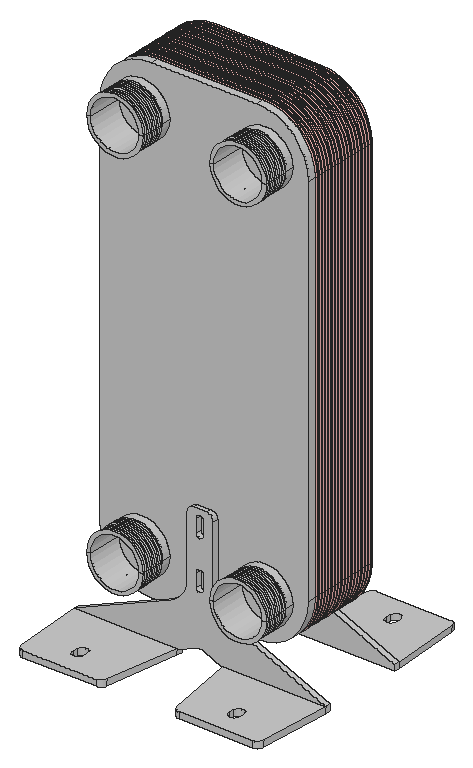
Revit family "MIT MB-11 - Brazed Heat Exchanger", category Specialty Equipment, Revit 2022 (continued)
Lines and regions (mm)
  sketch lines
    curve 38: arc (80.418, 23, 59.156) -> (136.986, 23, 82.587) -> (160.418, 23, 139.156) r 80
    curve 39: line (160.418, 23, 717.156) -> (160.418, 23, 139.156)
    curve 40: arc (160.418, 23, 717.156) -> (136.986, 23, 773.724) -> (80.418, 23, 797.156) r 80
    curve 41: line (-80.571, 25.75, 797.156) -> (80.418, 25.75, 797.156)
    curve 42: arc (-80.571, 25.75, 797.156) -> (-137.139, 25.75, 773.724) -> (-160.571, 25.75, 717.156) r 80
    curve 43: line (-160.571, 25.75, 139.156) -> (-160.571, 25.75, 717.156)
    curve 44: arc (-160.571, 25.75, 139.156) -> (-137.139, 25.75, 82.587) -> (-80.571, 25.75, 59.156) r 80
    curve 45: line (80.418, 25.75, 59.156) -> (-80.571, 25.75, 59.156)
    curve 46: arc (80.418, 25.75, 59.156) -> (136.986, 25.75, 82.587) -> (160.418, 25.75, 139.156) r 80
    curve 47: line (160.418, 25.75, 717.156) -> (160.418, 25.75, 139.156)
    curve 48: arc (160.418, 25.75, 717.156) -> (136.986, 25.75, 773.724) -> (80.418, 25.75, 797.156) r 80
    curve 49: line (-80.571, 28.5, 797.156) -> (80.418, 28.5, 797.156)
    curve 50: arc (-80.571, 28.5, 797.156) -> (-137.139, 28.5, 773.724) -> (-160.571, 28.5, 717.156) r 80
    curve 51: line (-160.571, 28.5, 139.156) -> (-160.571, 28.5, 717.156)
    curve 52: arc (-160.571, 28.5, 139.156) -> (-137.139, 28.5, 82.587) -> (-80.571, 28.5, 59.156) r 80
    curve 53: line (80.418, 28.5, 59.156) -> (-80.571, 28.5, 59.156)
    curve 54: arc (80.418, 28.5, 59.156) -> (136.986, 28.5, 82.587) -> (160.418, 28.5, 139.156) r 80
    curve 55: line (160.418, 28.5, 717.156) -> (160.418, 28.5, 139.156)
    curve 56: arc (160.418, 28.5, 717.156) -> (136.986, 28.5, 773.724) -> (80.418, 28.5, 797.156) r 80
    curve 57: line (-80.571, 31.25, 797.156) -> (80.418, 31.25, 797.156)
    curve 58: arc (-80.571, 31.25, 797.156) -> (-137.139, 31.25, 773.724) -> (-160.571, 31.25, 717.156) r 80
    curve 59: line (-160.571, 31.25, 139.156) -> (-160.571, 31.25, 717.156)
    curve 60: arc (-160.571, 31.25, 139.156) -> (-137.139, 31.25, 82.587) -> (-80.571, 31.25, 59.156) r 80
    curve 61: line (80.418, 31.25, 59.156) -> (-80.571, 31.25, 59.156)
    curve 62: arc (80.418, 31.25, 59.156) -> (136.986, 31.25, 82.587) -> (160.418, 31.25, 139.156) r 80
    curve 63: line (160.418, 31.25, 717.156) -> (160.418, 31.25, 139.156)
    curve 64: arc (160.418, 31.25, 717.156) -> (136.986, 31.25, 773.724) -> (80.418, 31.25, 797.156) r 80
    curve 65: line (-80.571, 34, 797.156) -> (80.418, 34, 797.156)
    curve 66: arc (-80.571, 34, 797.156) -> (-137.139, 34, 773.724) -> (-160.571, 34, 717.156) r 80
    curve 67: line (-160.571, 34, 139.156) -> (-160.571, 34, 717.156)
    curve 68: arc (-160.571, 34, 139.156) -> (-137.139, 34, 82.587) -> (-80.571, 34, 59.156) r 80
    curve 69: line (80.418, 34, 59.156) -> (-80.571, 34, 59.156)
    curve 70: arc (80.418, 34, 59.156) -> (136.986, 34, 82.587) -> (160.418, 34, 139.156) r 80
    curve 71: line (160.418, 34, 717.156) -> (160.418, 34, 139.156)
    curve 72: arc (160.418, 34, 717.156) -> (136.986, 34, 773.724) -> (80.418, 34, 797.156) r 80
    curve 73: line (-80.571, 36.75, 797.156) -> (80.418, 36.75, 797.156)
    curve 74: arc (-80.571, 36.75, 797.156) -> (-137.139, 36.75, 773.724) -> (-160.571, 36.75, 717.156) r 80
    curve 75: line (-160.571, 36.75, 139.156) -> (-160.571, 36.75, 717.156)
    curve 76: arc (-160.571, 36.75, 139.156) -> (-137.139, 36.75, 82.587) -> (-80.571, 36.75, 59.156) r 80
    curve 77: line (80.418, 36.75, 59.156) -> (-80.571, 36.75, 59.156)
    curve 78: arc (80.418, 36.75, 59.156) -> (136.986, 36.75, 82.587) -> (160.418, 36.75, 139.156) r 80
    curve 79: line (160.418, 36.75, 717.156) -> (160.418, 36.75, 139.156)
    curve 80: arc (160.418, 36.75, 717.156) -> (136.986, 36.75, 773.724) -> (80.418, 36.75, 797.156) r 80
    curve 81: line (-80.571, 39.5, 797.156) -> (80.418, 39.5, 797.156)
    curve 82: arc (-80.571, 39.5, 797.156) -> (-137.139, 39.5, 773.724) -> (-160.571, 39.5, 717.156) r 80
    curve 83: line (-160.571, 39.5, 139.156) -> (-160.571, 39.5, 717.156)
    curve 84: arc (-160.571, 39.5, 139.156) -> (-137.139, 39.5, 82.587) -> (-80.571, 39.5, 59.156) r 80
    curve 85: line (80.418, 39.5, 59.156) -> (-80.571, 39.5, 59.156)
    curve 86: arc (80.418, 39.5, 59.156) -> (136.986, 39.5, 82.587) -> (160.418, 39.5, 139.156) r 80
    curve 87: line (160.418, 39.5, 717.156) -> (160.418, 39.5, 139.156)
    curve 88: arc (160.418, 39.5, 717.156) -> (136.986, 39.5, 773.724) -> (80.418, 39.5, 797.156) r 80
    curve 89: line (-80.571, 42.25, 797.156) -> (80.418, 42.25, 797.156)
    curve 90: arc (-80.571, 42.25, 797.156) -> (-137.139, 42.25, 773.724) -> (-160.571, 42.25, 717.156) r 80
    curve 91: line (-160.571, 42.25, 139.156) -> (-160.571, 42.25, 717.156)
    curve 92: arc (-160.571, 42.25, 139.156) -> (-137.139, 42.25, 82.587) -> (-80.571, 42.25, 59.156) r 80
    curve 93: line (80.418, 42.25, 59.156) -> (-80.571, 42.25, 59.156)
    curve 94: arc (80.418, 42.25, 59.156) -> (136.986, 42.25, 82.587) -> (160.418, 42.25, 139.156) r 80
    curve 95: line (160.418, 42.25, 717.156) -> (160.418, 42.25, 139.156)
    curve 96: arc (160.418, 42.25, 717.156) -> (136.986, 42.25, 773.724) -> (80.418, 42.25, 797.156) r 80
    curve 97: line (-80.571, 45, 797.156) -> (80.418, 45, 797.156)
    curve 98: arc (-80.571, 45, 797.156) -> (-137.139, 45, 773.724) -> (-160.571, 45, 717.156) r 80
    curve 99: line (-160.571, 45, 139.156) -> (-160.571, 45, 717.156)
    curve 100: arc (-160.571, 45, 139.156) -> (-137.139, 45, 82.587) -> (-80.571, 45, 59.156) r 80
    curve 101: line (80.418, 45, 59.156) -> (-80.571, 45, 59.156)
    curve 102: arc (80.418, 45, 59.156) -> (136.986, 45, 82.587) -> (160.418, 45, 139.156) r 80
    curve 103: line (160.418, 45, 717.156) -> (160.418, 45, 139.156)
    curve 104: arc (160.418, 45, 717.156) -> (136.986, 45, 773.724) -> (80.418, 45, 797.156) r 80
    curve 105: line (-80.571, 47.75, 797.156) -> (80.418, 47.75, 797.156)
    curve 106: arc (-80.571, 47.75, 797.156) -> (-137.139, 47.75, 773.724) -> (-160.571, 47.75, 717.156) r 80
    curve 107: line (-160.571, 47.75, 139.156) -> (-160.571, 47.75, 717.156)
    curve 108: arc (-160.571, 47.75, 139.156) -> (-137.139, 47.75, 82.587) -> (-80.571, 47.75, 59.156) r 80
    curve 109: line (80.418, 47.75, 59.156) -> (-80.571, 47.75, 59.156)
    curve 110: arc (80.418, 47.75, 59.156) -> (136.986, 47.75, 82.587) -> (160.418, 47.75, 139.156) r 80
    curve 111: line (160.418, 47.75, 717.156) -> (160.418, 47.75, 139.156)
    curve 112: arc (160.418, 47.75, 717.156) -> (136.986, 47.75, 773.724) -> (80.418, 47.75, 797.156) r 80
    curve 113: line (-80.571, 50.5, 797.156) -> (80.418, 50.5, 797.156)
    curve 114: arc (-80.571, 50.5, 797.156) -> (-137.139, 50.5, 773.724) -> (-160.571, 50.5, 717.156) r 80
    curve 115: line (-160.571, 50.5, 139.156) -> (-160.571, 50.5, 717.156)
    curve 116: arc (-160.571, 50.5, 139.156) -> (-137.139, 50.5, 82.587) -> (-80.571, 50.5, 59.156) r 80
    curve 117: line (80.418, 50.5, 59.156) -> (-80.571, 50.5, 59.156)
    curve 118: arc (80.418, 50.5, 59.156) -> (136.986, 50.5, 82.587) -> (160.418, 50.5, 139.156) r 80
    curve 119: line (160.418, 50.5, 717.156) -> (160.418, 50.5, 139.156)
    curve 120: arc (160.418, 50.5, 717.156) -> (136.986, 50.5, 773.724) -> (80.418, 50.5, 797.156) r 80
    curve 121: line (-80.571, 53.25, 797.156) -> (80.418, 53.25, 797.156)
    curve 122: arc (-80.571, 53.25, 797.156) -> (-137.139, 53.25, 773.724) -> (-160.571, 53.25, 717.156) r 80
    curve 123: line (-160.571, 53.25, 139.156) -> (-160.571, 53.25, 717.156)
    curve 124: arc (-160.571, 53.25, 139.156) -> (-137.139, 53.25, 82.587) -> (-80.571, 53.25, 59.156) r 80
    curve 125: line (80.418, 53.25, 59.156) -> (-80.571, 53.25, 59.156)
    curve 126: arc (80.418, 53.25, 59.156) -> (136.986, 53.25, 82.587) -> (160.418, 53.25, 139.156) r 80
    curve 127: line (160.418, 53.25, 717.156) -> (160.418, 53.25, 139.156)
    curve 128: arc (160.418, 53.25, 717.156) -> (136.986, 53.25, 773.724) -> (80.418, 53.25, 797.156) r 80
    curve 129: line (-80.571, 56, 797.156) -> (80.418, 56, 797.156)
    curve 130: arc (-80.571, 56, 797.156) -> (-137.139, 56, 773.724) -> (-160.571, 56, 717.156) r 80
    curve 131: line (-160.571, 56, 139.156) -> (-160.571, 56, 717.156)
    curve 132: arc (-160.571, 56, 139.156) -> (-137.139, 56, 82.587) -> (-80.571, 56, 59.156) r 80
    curve 133: line (80.418, 56, 59.156) -> (-80.571, 56, 59.156)
    curve 134: arc (80.418, 56, 59.156) -> (136.986, 56, 82.587) -> (160.418, 56, 139.156) r 80
    curve 135: line (160.418, 56, 717.156) -> (160.418, 56, 139.156)
    curve 136: arc (160.418, 56, 717.156) -> (136.986, 56, 773.724) -> (80.418, 56, 797.156) r 80
    curve 137: line (-80.571, 58.75, 797.156) -> (80.418, 58.75, 797.156)
    curve 138: arc (-80.571, 58.75, 797.156) -> (-137.139, 58.75, 773.724) -> (-160.571, 58.75, 717.156) r 80
    curve 139: line (-160.571, 58.75, 139.156) -> (-160.571, 58.75, 717.156)
    curve 140: arc (-160.571, 58.75, 139.156) -> (-137.139, 58.75, 82.587) -> (-80.571, 58.75, 59.156) r 80
    curve 141: line (80.418, 58.75, 59.156) -> (-80.571, 58.75, 59.156)
    curve 142: arc (80.418, 58.75, 59.156) -> (136.986, 58.75, 82.587) -> (160.418, 58.75, 139.156) r 80
    curve 143: line (160.418, 58.75, 717.156) -> (160.418, 58.75, 139.156)
    curve 144: arc (160.418, 58.75, 717.156) -> (136.986, 58.75, 773.724) -> (80.418, 58.75, 797.156) r 80
    curve 145: line (-80.571, 61.5, 797.156) -> (80.418, 61.5, 797.156)
    curve 146: arc (-80.571, 61.5, 797.156) -> (-137.139, 61.5, 773.724) -> (-160.571, 61.5, 717.156) r 80
    curve 147: line (-160.571, 61.5, 139.156) -> (-160.571, 61.5, 717.156)
    curve 148: arc (-160.571, 61.5, 139.156) -> (-137.139, 61.5, 82.587) -> (-80.571, 61.5, 59.156) r 80
    curve 149: line (80.418, 61.5, 59.156) -> (-80.571, 61.5, 59.156)
    curve 150: arc (80.418, 61.5, 59.156) -> (136.986, 61.5, 82.587) -> (160.418, 61.5, 139.156) r 80
    curve 151: line (160.418, 61.5, 717.156) -> (160.418, 61.5, 139.156)
    curve 152: arc (160.418, 61.5, 717.156) -> (136.986, 61.5, 773.724) -> (80.418, 61.5, 797.156) r 80
    curve 153: line (-80.571, 64.25, 797.156) -> (80.418, 64.25, 797.156)
    curve 154: arc (-80.571, 64.25, 797.156) -> (-137.139, 64.25, 773.724) -> (-160.571, 64.25, 717.156) r 80
    curve 155: line (-160.571, 64.25, 139.156) -> (-160.571, 64.25, 717.156)
    curve 156: arc (-160.571, 64.25, 139.156) -> (-137.139, 64.25, 82.587) -> (-80.571, 64.25, 59.156) r 80
    curve 157: line (80.418, 64.25, 59.156) -> (-80.571, 64.25, 59.156)
    curve 158: arc (80.418, 64.25, 59.156) -> (136.986, 64.25, 82.587) -> (160.418, 64.25, 139.156) r 80
    curve 159: line (160.418, 64.25, 717.156) -> (160.418, 64.25, 139.156)
    curve 160: arc (160.418, 64.25, 717.156) -> (136.986, 64.25, 773.724) -> (80.418, 64.25, 797.156) r 80
    curve 161: line (-80.571, 67, 797.156) -> (80.418, 67, 797.156)
    curve 162: arc (-80.571, 67, 797.156) -> (-137.139, 67, 773.724) -> (-160.571, 67, 717.156) r 80
    curve 163: line (-160.571, 67, 139.156) -> (-160.571, 67, 717.156)
    curve 164: arc (-160.571, 67, 139.156) -> (-137.139, 67, 82.587) -> (-80.571, 67, 59.156) r 80
    curve 165: line (80.418, 67, 59.156) -> (-80.571, 67, 59.156)
    curve 166: arc (80.418, 67, 59.156) -> (136.986, 67, 82.587) -> (160.418, 67, 139.156) r 80
    curve 167: line (160.418, 67, 717.156) -> (160.418, 67, 139.156)
    curve 168: arc (160.418, 67, 717.156) -> (136.986, 67, 773.724) -> (80.418, 67, 797.156) r 80
    curve 169: line (-80.571, 69.75, 797.156) -> (80.418, 69.75, 797.156)
    curve 170: arc (-80.571, 69.75, 797.156) -> (-137.139, 69.75, 773.724) -> (-160.571, 69.75, 717.156) r 80
    curve 171: line (-160.571, 69.75, 139.156) -> (-160.571, 69.75, 717.156)
    curve 172: arc (-160.571, 69.75, 139.156) -> (-137.139, 69.75, 82.587) -> (-80.571, 69.75, 59.156) r 80
    curve 173: line (80.418, 69.75, 59.156) -> (-80.571, 69.75, 59.156)
    curve 174: arc (80.418, 69.75, 59.156) -> (136.986, 69.75, 82.587) -> (160.418, 69.75, 139.156) r 80
    curve 175: line (160.418, 69.75, 717.156) -> (160.418, 69.75, 139.156)
    curve 176: arc (160.418, 69.75, 717.156) -> (136.986, 69.75, 773.724) -> (80.418, 69.75, 797.156) r 80
    curve 177: line (-80.571, 72.5, 797.156) -> (80.418, 72.5, 797.156)
    curve 178: arc (-80.571, 72.5, 797.156) -> (-137.139, 72.5, 773.724) -> (-160.571, 72.5, 717.156) r 80
    curve 179: line (-160.571, 72.5, 139.156) -> (-160.571, 72.5, 717.156)
    curve 180: arc (-160.571, 72.5, 139.156) -> (-137.139, 72.5, 82.587) -> (-80.571, 72.5, 59.156) r 80
    curve 181: line (80.418, 72.5, 59.156) -> (-80.571, 72.5, 59.156)
    curve 182: arc (80.418, 72.5, 59.156) -> (136.986, 72.5, 82.587) -> (160.418, 72.5, 139.156) r 80
    curve 183: line (160.418, 72.5, 717.156) -> (160.418, 72.5, 139.156)
    curve 184: arc (160.418, 72.5, 717.156) -> (136.986, 72.5, 773.724) -> (80.418, 72.5, 797.156) r 80
    curve 185: line (-80.571, 75.25, 797.156) -> (80.418, 75.25, 797.156)
    curve 186: arc (-80.571, 75.25, 797.156) -> (-137.139, 75.25, 773.724) -> (-160.571, 75.25, 717.156) r 80
    curve 187: line (-160.571, 75.25, 139.156) -> (-160.571, 75.25, 717.156)
    curve 188: arc (-160.571, 75.25, 139.156) -> (-137.139, 75.25, 82.587) -> (-80.571, 75.25, 59.156) r 80
    curve 189: line (80.418, 75.25, 59.156) -> (-80.571, 75.25, 59.156)
    curve 190: arc (80.418, 75.25, 59.156) -> (136.986, 75.25, 82.587) -> (160.418, 75.25, 139.156) r 80
    curve 191: line (160.418, 75.25, 717.156) -> (160.418, 75.25, 139.156)
    curve 192: arc (160.418, 75.25, 717.156) -> (136.986, 75.25, 773.724) -> (80.418, 75.25, 797.156) r 80
    curve 193: line (-80.571, 78, 797.156) -> (80.418, 78, 797.156)
    curve 194: arc (-80.571, 78, 797.156) -> (-137.139, 78, 773.724) -> (-160.571, 78, 717.156) r 80
    curve 195: line (-160.571, 78, 139.156) -> (-160.571, 78, 717.156)
    curve 196: arc (-160.571, 78, 139.156) -> (-137.139, 78, 82.587) -> (-80.571, 78, 59.156) r 80
    curve 197: line (80.418, 78, 59.156) -> (-80.571, 78, 59.156)
    curve 198: arc (80.418, 78, 59.156) -> (136.986, 78, 82.587) -> (160.418, 78, 139.156) r 80
    curve 199: line (160.418, 78, 717.156) -> (160.418, 78, 139.156)
    curve 200: arc (160.418, 78, 717.156) -> (136.986, 78, 773.724) -> (80.418, 78, 797.156) r 80
    curve 201: line (-80.571, 80.75, 797.156) -> (80.418, 80.75, 797.156)
    curve 202: arc (-80.571, 80.75, 797.156) -> (-137.139, 80.75, 773.724) -> (-160.571, 80.75, 717.156) r 80
    curve 203: line (-160.571, 80.75, 139.156) -> (-160.571, 80.75, 717.156)
    curve 204: arc (-160.571, 80.75, 139.156) -> (-137.139, 80.75, 82.587) -> (-80.571, 80.75, 59.156) r 80
    curve 205: line (80.418, 80.75, 59.156) -> (-80.571, 80.75, 59.156)
    curve 206: arc (80.418, 80.75, 59.156) -> (136.986, 80.75, 82.587) -> (160.418, 80.75, 139.156) r 80
    curve 207: line (160.418, 80.75, 717.156) -> (160.418, 80.75, 139.156)
    curve 208: arc (160.418, 80.75, 717.156) -> (136.986, 80.75, 773.724) -> (80.418, 80.75, 797.156) r 80
    curve 209: line (-80.571, 83.5, 797.156) -> (80.418, 83.5, 797.156)
    curve 210: arc (-80.571, 83.5, 797.156) -> (-137.139, 83.5, 773.724) -> (-160.571, 83.5, 717.156) r 80
    curve 211: line (-160.571, 83.5, 139.156) -> (-160.571, 83.5, 717.156)
    curve 212: arc (-160.571, 83.5, 139.156) -> (-137.139, 83.5, 82.587) -> (-80.571, 83.5, 59.156) r 80
    curve 213: line (80.418, 83.5, 59.156) -> (-80.571, 83.5, 59.156)
    curve 214: arc (80.418, 83.5, 59.156) -> (136.986, 83.5, 82.587) -> (160.418, 83.5, 139.156) r 80
    curve 215: line (160.418, 83.5, 717.156) -> (160.418, 83.5, 139.156)
    curve 216: arc (160.418, 83.5, 717.156) -> (136.986, 83.5, 773.724) -> (80.418, 83.5, 797.156) r 80
    curve 217: line (-80.571, 86.25, 797.156) -> (80.418, 86.25, 797.156)
    curve 218: arc (-80.571, 86.25, 797.156) -> (-137.139, 86.25, 773.724) -> (-160.571, 86.25, 717.156) r 80
    curve 219: line (-160.571, 86.25, 139.156) -> (-160.571, 86.25, 717.156)
    curve 220: arc (-160.571, 86.25, 139.156) -> (-137.139, 86.25, 82.587) -> (-80.571, 86.25, 59.156) r 80
    curve 221: line (80.418, 86.25, 59.156) -> (-80.571, 86.25, 59.156)
    curve 222: arc (80.418, 86.25, 59.156) -> (136.986, 86.25, 82.587) -> (160.418, 86.25, 139.156) r 80
    curve 223: line (160.418, 86.25, 717.156) -> (160.418, 86.25, 139.156)
    curve 224: arc (160.418, 86.25, 717.156) -> (136.986, 86.25, 773.724) -> (80.418, 86.25, 797.156) r 80
    curve 225: line (-80.571, 89, 797.156) -> (80.418, 89, 797.156)
    curve 226: arc (-80.571, 89, 797.156) -> (-137.139, 89, 773.724) -> (-160.571, 89, 717.156) r 80
    curve 227: line (-160.571, 89, 139.156) -> (-160.571, 89, 717.156)
    curve 228: arc (-160.571, 89, 139.156) -> (-137.139, 89, 82.587) -> (-80.571, 89, 59.156) r 80
    curve 229: line (80.418, 89, 59.156) -> (-80.571, 89, 59.156)
    curve 230: arc (80.418, 89, 59.156) -> (136.986, 89, 82.587) -> (160.418, 89, 139.156) r 80
    curve 231: line (160.418, 89, 717.156) -> (160.418, 89, 139.156)
    curve 232: arc (160.418, 89, 717.156) -> (136.986, 89, 773.724) -> (80.418, 89, 797.156) r 80
    curve 233: line (-80.571, 91.75, 797.156) -> (80.418, 91.75, 797.156)
    curve 234: arc (-80.571, 91.75, 797.156) -> (-137.139, 91.75, 773.724) -> (-160.571, 91.75, 717.156) r 80
    curve 235: line (-160.571, 91.75, 139.156) -> (-160.571, 91.75, 717.156)
    curve 236: arc (-160.571, 91.75, 139.156) -> (-137.139, 91.75, 82.587) -> (-80.571, 91.75, 59.156) r 80
    curve 237: line (80.418, 91.75, 59.156) -> (-80.571, 91.75, 59.156)
    curve 238: arc (80.418, 91.75, 59.156) -> (136.986, 91.75, 82.587) -> (160.418, 91.75, 139.156) r 80
    curve 239: line (160.418, 91.75, 717.156) -> (160.418, 91.75, 139.156)
    curve 240: arc (160.418, 91.75, 717.156) -> (136.986, 91.75, 773.724) -> (80.418, 91.75, 797.156) r 80
    curve 241: line (-80.571, 94.5, 797.156) -> (80.418, 94.5, 797.156)
    curve 242: arc (-80.571, 94.5, 797.156) -> (-137.139, 94.5, 773.724) -> (-160.571, 94.5, 717.156) r 80
    curve 243: line (-160.571, 94.5, 139.156) -> (-160.571, 94.5, 717.156)
    curve 244: arc (-160.571, 94.5, 139.156) -> (-137.139, 94.5, 82.587) -> (-80.571, 94.5, 59.156) r 80
    curve 245: line (80.418, 94.5, 59.156) -> (-80.571, 94.5, 59.156)
    curve 246: arc (80.418, 94.5, 59.156) -> (136.986, 94.5, 82.587) -> (160.418, 94.5, 139.156) r 80
    curve 247: line (160.418, 94.5, 717.156) -> (160.418, 94.5, 139.156)
    curve 248: arc (160.418, 94.5, 717.156) -> (136.986, 94.5, 773.724) -> (80.418, 94.5, 797.156) r 80
    curve 249: line (-80.571, 97.25, 797.156) -> (80.418, 97.25, 797.156)
    curve 250: arc (-80.571, 97.25, 797.156) -> (-137.139, 97.25, 773.724) -> (-160.571, 97.25, 717.156) r 80
    curve 251: line (-160.571, 97.25, 139.156) -> (-160.571, 97.25, 717.156)
    curve 252: arc (-160.571, 97.25, 139.156) -> (-137.139, 97.25, 82.587) -> (-80.571, 97.25, 59.156) r 80
    curve 253: line (80.418, 97.25, 59.156) -> (-80.571, 97.25, 59.156)
    curve 254: arc (80.418, 97.25, 59.156) -> (136.986, 97.25, 82.587) -> (160.418, 97.25, 139.156) r 80
    curve 255: line (160.418, 97.25, 717.156) -> (160.418, 97.25, 139.156)
    curve 256: arc (160.418, 97.25, 717.156) -> (136.986, 97.25, 773.724) -> (80.418, 97.25, 797.156) r 80
    curve 257: line (-80.571, 100, 797.156) -> (80.418, 100, 797.156)
    curve 258: arc (-80.571, 100, 797.156) -> (-137.139, 100, 773.724) -> (-160.571, 100, 717.156) r 80
    curve 259: line (-160.571, 100, 139.156) -> (-160.571, 100, 717.156)
    curve 260: arc (-160.571, 100, 139.156) -> (-137.139, 100, 82.587) -> (-80.571, 100, 59.156) r 80
    curve 261: line (80.418, 100, 59.156) -> (-80.571, 100, 59.156)
    curve 262: arc (80.418, 100, 59.156) -> (136.986, 100, 82.587) -> (160.418, 100, 139.156) r 80
    curve 263: line (160.418, 100, 717.156) -> (160.418, 100, 139.156)
    curve 264: arc (160.418, 100, 717.156) -> (136.986, 100, 773.724) -> (80.418, 100, 797.156) r 80
    curve 265: line (-80.571, 102.75, 797.156) -> (80.418, 102.75, 797.156)
    curve 266: arc (-80.571, 102.75, 797.156) -> (-137.139, 102.75, 773.724) -> (-160.571, 102.75, 717.156) r 80
    curve 267: line (-160.571, 102.75, 139.156) -> (-160.571, 102.75, 717.156)
    curve 268: arc (-160.571, 102.75, 139.156) -> (-137.139, 102.75, 82.587) -> (-80.571, 102.75, 59.156) r 80
    curve 269: line (80.418, 102.75, 59.156) -> (-80.571, 102.75, 59.156)
    curve 270: arc (80.418, 102.75, 59.156) -> (136.986, 102.75, 82.587) -> (160.418, 102.75, 139.156) r 80
    curve 271: line (160.418, 102.75, 717.156) -> (160.418, 102.75, 139.156)
    curve 272: arc (160.418, 102.75, 717.156) -> (136.986, 102.75, 773.724) -> (80.418, 102.75, 797.156) r 80
    curve 273: line (-80.571, 105.5, 797.156) -> (80.418, 105.5, 797.156)
    curve 274: arc (-80.571, 105.5, 797.156) -> (-137.139, 105.5, 773.724) -> (-160.571, 105.5, 717.156) r 80
    curve 275: line (-160.571, 105.5, 139.156) -> (-160.571, 105.5, 717.156)
    curve 276: arc (-160.571, 105.5, 139.156) -> (-137.139, 105.5, 82.587) -> (-80.571, 105.5, 59.156) r 80
    curve 277: line (80.418, 105.5, 59.156) -> (-80.571, 105.5, 59.156)
    curve 278: arc (80.418, 105.5, 59.156) -> (136.986, 105.5, 82.587) -> (160.418, 105.5, 139.156) r 80
    curve 279: line (160.418, 105.5, 717.156) -> (160.418, 105.5, 139.156)
    curve 280: arc (160.418, 105.5, 717.156) -> (136.986, 105.5, 773.724) -> (80.418, 105.5, 797.156) r 80
    curve 281: line (-80.571, 108.25, 797.156) -> (80.418, 108.25, 797.156)
    curve 282: arc (-80.571, 108.25, 797.156) -> (-137.139, 108.25, 773.724) -> (-160.571, 108.25, 717.156) r 80
    curve 283: line (-160.571, 108.25, 139.156) -> (-160.571, 108.25, 717.156)
    curve 284: arc (-160.571, 108.25, 139.156) -> (-137.139, 108.25, 82.587) -> (-80.571, 108.25, 59.156) r 80
    curve 285: line (80.418, 108.25, 59.156) -> (-80.571, 108.25, 59.156)
    curve 286: arc (80.418, 108.25, 59.156) -> (136.986, 108.25, 82.587) -> (160.418, 108.25, 139.156) r 80
    curve 287: line (160.418, 108.25, 717.156) -> (160.418, 108.25, 139.156)
    curve 288: arc (160.418, 108.25, 717.156) -> (136.986, 108.25, 773.724) -> (80.418, 108.25, 797.156) r 80
    curve 289: line (-80.571, 111, 797.156) -> (80.418, 111, 797.156)
    curve 290: arc (-80.571, 111, 797.156) -> (-137.139, 111, 773.724) -> (-160.571, 111, 717.156) r 80
    curve 291: line (-160.571, 111, 139.156) -> (-160.571, 111, 717.156)
    curve 292: arc (-160.571, 111, 139.156) -> (-137.139, 111, 82.587) -> (-80.571, 111, 59.156) r 80
    curve 293: line (80.418, 111, 59.156) -> (-80.571, 111, 59.156)
    curve 294: arc (80.418, 111, 59.156) -> (136.986, 111, 82.587) -> (160.418, 111, 139.156) r 80
    curve 295: line (160.418, 111, 717.156) -> (160.418, 111, 139.156)
    curve 296: arc (160.418, 111, 717.156) -> (136.986, 111, 773.724) -> (80.418, 111, 797.156) r 80
    curve 297: line (-80.571, 113.75, 797.156) -> (80.418, 113.75, 797.156)
    curve 298: arc (-80.571, 113.75, 797.156) -> (-137.139, 113.75, 773.724) -> (-160.571, 113.75, 717.156) r 80
    curve 299: line (-160.571, 113.75, 139.156) -> (-160.571, 113.75, 717.156)
    curve 300: arc (-160.571, 113.75, 139.156) -> (-137.139, 113.75, 82.587) -> (-80.571, 113.75, 59.156) r 80
    curve 301: line (80.418, 113.75, 59.156) -> (-80.571, 113.75, 59.156)
    curve 302: arc (80.418, 113.75, 59.156) -> (136.986, 113.75, 82.587) -> (160.418, 113.75, 139.156) r 80
    curve 303: line (160.418, 113.75, 717.156) -> (160.418, 113.75, 139.156)
    curve 304: arc (160.418, 113.75, 717.156) -> (136.986, 113.75, 773.724) -> (80.418, 113.75, 797.156) r 80
    curve 305: line (-80.571, 116.5, 797.156) -> (80.418, 116.5, 797.156)
    curve 306: arc (-80.571, 116.5, 797.156) -> (-137.139, 116.5, 773.724) -> (-160.571, 116.5, 717.156) r 80
    curve 307: line (-160.571, 116.5, 139.156) -> (-160.571, 116.5, 717.156)
    curve 308: arc (-160.571, 116.5, 139.156) -> (-137.139, 116.5, 82.587) -> (-80.571, 116.5, 59.156) r 80
    curve 309: line (80.418, 116.5, 59.156) -> (-80.571, 116.5, 59.156)
    curve 310: arc (80.418, 116.5, 59.156) -> (136.986, 116.5, 82.587) -> (160.418, 116.5, 139.156) r 80
    curve 311: line (160.418, 116.5, 717.156) -> (160.418, 116.5, 139.156)
    curve 312: arc (160.418, 116.5, 717.156) -> (136.986, 116.5, 773.724) -> (80.418, 116.5, 797.156) r 80
    curve 313: line (-80.571, 119.25, 797.156) -> (80.418, 119.25, 797.156)
    curve 314: arc (-80.571, 119.25, 797.156) -> (-137.139, 119.25, 773.724) -> (-160.571, 119.25, 717.156) r 80
    curve 315: line (-160.571, 119.25, 139.156) -> (-160.571, 119.25, 717.156)
    curve 316: arc (-160.571, 119.25, 139.156) -> (-137.139, 119.25, 82.587) -> (-80.571, 119.25, 59.156) r 80
    curve 317: line (80.418, 119.25, 59.156) -> (-80.571, 119.25, 59.156)
    curve 318: arc (80.418, 119.25, 59.156) -> (136.986, 119.25, 82.587) -> (160.418, 119.25, 139.156) r 80
    curve 319: line (160.418, 119.25, 717.156) -> (160.418, 119.25, 139.156)
    curve 320: arc (160.418, 119.25, 717.156) -> (136.986, 119.25, 773.724) -> (80.418, 119.25, 797.156) r 80
Dimensions and locks
  locked: plane 5 to plane 6 at 2.03
  locked: plane 1 "Center (Front/Back)" to plane 4 at 12
  "Plate Width": plane 5 to plane 4
  locked: plane 9 "5" to plane 5 at 2.61
  plane 10 to plane 9 "5" = 50.00 mm
  equal spacing: group 1, group 2, group 3, group 4, group 5, group 6, group 7, group 8, group 9, group 10, group 11, group 12, group 13, group 14, group 15, group 16, group 17, group 18, group 19, group 20, group 21, group 22, group 23, group 24, group 25, group 26, group 27, group 28, group 29, group 30, group 31, group 32, group 33, group 34, group 35, group 36, group 37, group 38, group 39, group 40  (x3)
  aligned and locked: level to plane 2
  aligned and locked: Extrusion 1 to plane 4
  aligned and locked: plane 1 "Center (Front/Back)" to Extrusion 1
  aligned and locked: plane 4 to Extrusion 49
  aligned and locked: Extrusion 49 to plane 6
  aligned and locked: plane 9 "5" to Extrusion 50
  aligned and locked: plane 5 to Extrusion 52
  aligned and locked: Extrusion 52 to plane 4
  aligned and locked: Extrusion 54 to plane 4
  aligned and locked: plane 1 "Center (Front/Back)" to Extrusion 54
  aligned and locked: plane 4 to Extrusion 55
  aligned and locked: plane 9 "5" to Extrusion 55
Automatic sketch dimensions
  Extrusion 1 sketch curve to plane 7 "1" = 12.459 mm  (x2)
  Extrusion 1 sketch curve to plane 3 "Center (Left/Right)" = 160.571 mm
  plane 7 "1" to Extrusion 1 sketch curve = 67.541 mm
  plane 8 "2" to Extrusion 1 sketch curve = 12.656 mm
  Extrusion 1 sketch curve to Extrusion 1 sketch curve = 80.00 mm
  plane 3 "Center (Left/Right)" to Extrusion 1 sketch curve = 80.418 mm  (x2)
  plane 1 "Center (Front/Back)" to Revolve 2 sketch curve = 0.00 mm
  plane 1 "Center (Front/Back)" to Revolve 2 sketch curve = 54.00 mm
  Revolve 2 sketch curve to plane 3 "Center (Left/Right)" = 132.043 mm
  plane 1 "Center (Front/Back)" to Revolve 2 sketch curve = 48.588 mm
  Revolve 2 sketch curve to Revolve 2 sketch curve = 2.846 mm  (x2)
  plane 1 "Center (Front/Back)" to Revolve 2 sketch curve = 16.123 mm
  plane 1 "Center (Front/Back)" to Revolve 2 sketch curve = 51.834 mm
  Revolve 2 sketch curve to Revolve 2 sketch curve = 0.00 mm  (x11)
  plane 1 "Center (Front/Back)" to Revolve 2 sketch curve = 19.37 mm
  plane 1 "Center (Front/Back)" to Revolve 2 sketch curve = 45.341 mm
  plane 1 "Center (Front/Back)" to Revolve 2 sketch curve = 25.863 mm
  plane 1 "Center (Front/Back)" to Revolve 2 sketch curve = 42.095 mm
  plane 1 "Center (Front/Back)" to Revolve 2 sketch curve = 22.616 mm
  plane 1 "Center (Front/Back)" to Revolve 2 sketch curve = 32.356 mm
  plane 1 "Center (Front/Back)" to Revolve 2 sketch curve = 38.848 mm
  plane 1 "Center (Front/Back)" to Revolve 2 sketch curve = 29.109 mm
  plane 1 "Center (Front/Back)" to Revolve 2 sketch curve = 35.602 mm
  Revolve 2 sketch curve to Revolve 2 sketch curve = 3.00 mm
  plane 1 "Center (Front/Back)" to Revolve 2 sketch curve = 33.979 mm
  Revolve 2 sketch curve to Revolve 2 sketch curve = 2.154 mm  (x12)
  plane 1 "Center (Front/Back)" to Revolve 2 sketch curve = 37.225 mm
  plane 1 "Center (Front/Back)" to Revolve 2 sketch curve = 30.732 mm
  plane 1 "Center (Front/Back)" to Revolve 2 sketch curve = 40.472 mm
  plane 1 "Center (Front/Back)" to Revolve 2 sketch curve = 24.239 mm
  plane 1 "Center (Front/Back)" to Revolve 2 sketch curve = 43.718 mm
  plane 1 "Center (Front/Back)" to Revolve 2 sketch curve = 20.993 mm
  plane 1 "Center (Front/Back)" to Revolve 2 sketch curve = 46.965 mm
  plane 1 "Center (Front/Back)" to Revolve 2 sketch curve = 27.486 mm
  plane 1 "Center (Front/Back)" to Revolve 2 sketch curve = 17.746 mm
  plane 1 "Center (Front/Back)" to Revolve 2 sketch curve = 50.211 mm
  plane 1 "Center (Front/Back)" to Revolve 2 sketch curve = 14.50 mm
  Revolve 2 sketch curve to Revolve 2 sketch curve = 2.874 mm
  plane 1 "Center (Front/Back)" to Revolve 2 sketch curve = 2.00 mm
  Revolve 2 sketch curve to Revolve 2 sketch curve = 37.324 mm
  Revolve 2 sketch curve to Revolve 2 sketch curve = 44.038 mm
  plane 1 "Center (Front/Back)" to Revolve 3 sketch curve = 0.00 mm
  plane 1 "Center (Front/Back)" to Revolve 3 sketch curve = 54.00 mm
  plane 3 "Center (Left/Right)" to Revolve 3 sketch curve = 132.043 mm
  plane 1 "Center (Front/Back)" to Revolve 3 sketch curve = 48.588 mm
  Revolve 3 sketch curve to Revolve 3 sketch curve = 2.846 mm  (x2)
  plane 1 "Center (Front/Back)" to Revolve 3 sketch curve = 16.123 mm
  plane 1 "Center (Front/Back)" to Revolve 3 sketch curve = 51.834 mm
  Revolve 3 sketch curve to Revolve 3 sketch curve = 0.00 mm  (x11)
  plane 1 "Center (Front/Back)" to Revolve 3 sketch curve = 19.37 mm
  plane 1 "Center (Front/Back)" to Revolve 3 sketch curve = 45.341 mm
  plane 1 "Center (Front/Back)" to Revolve 3 sketch curve = 25.863 mm
  plane 1 "Center (Front/Back)" to Revolve 3 sketch curve = 42.095 mm
  plane 1 "Center (Front/Back)" to Revolve 3 sketch curve = 22.616 mm
  plane 1 "Center (Front/Back)" to Revolve 3 sketch curve = 32.356 mm
  plane 1 "Center (Front/Back)" to Revolve 3 sketch curve = 38.848 mm
  plane 1 "Center (Front/Back)" to Revolve 3 sketch curve = 29.109 mm
  plane 1 "Center (Front/Back)" to Revolve 3 sketch curve = 35.602 mm
  Revolve 3 sketch curve to Revolve 3 sketch curve = 3.00 mm
  plane 1 "Center (Front/Back)" to Revolve 3 sketch curve = 33.979 mm
  Revolve 3 sketch curve to Revolve 3 sketch curve = 2.154 mm  (x12)
  plane 1 "Center (Front/Back)" to Revolve 3 sketch curve = 37.225 mm
  plane 1 "Center (Front/Back)" to Revolve 3 sketch curve = 30.732 mm
  plane 1 "Center (Front/Back)" to Revolve 3 sketch curve = 40.472 mm
  plane 1 "Center (Front/Back)" to Revolve 3 sketch curve = 24.239 mm
  plane 1 "Center (Front/Back)" to Revolve 3 sketch curve = 43.718 mm
  plane 1 "Center (Front/Back)" to Revolve 3 sketch curve = 20.993 mm
  plane 1 "Center (Front/Back)" to Revolve 3 sketch curve = 46.965 mm
  plane 1 "Center (Front/Back)" to Revolve 3 sketch curve = 27.486 mm
  plane 1 "Center (Front/Back)" to Revolve 3 sketch curve = 17.746 mm
  plane 1 "Center (Front/Back)" to Revolve 3 sketch curve = 50.211 mm
  plane 1 "Center (Front/Back)" to Revolve 3 sketch curve = 14.50 mm
  Revolve 3 sketch curve to Revolve 3 sketch curve = 2.874 mm
  plane 1 "Center (Front/Back)" to Revolve 3 sketch curve = 2.00 mm
  Revolve 3 sketch curve to Revolve 3 sketch curve = 37.324 mm
  Revolve 3 sketch curve to Revolve 3 sketch curve = 44.038 mm
  plane 1 "Center (Front/Back)" to Revolve 4 sketch curve = 0.00 mm
  plane 1 "Center (Front/Back)" to Revolve 4 sketch curve = 2.00 mm
  Revolve 4 sketch curve to Revolve 4 sketch curve = 12.50 mm
  Revolve 4 sketch curve to Revolve 4 sketch curve = 1.623 mm  (x23)
  Revolve 4 sketch curve to Revolve 4 sketch curve = 2.166 mm
  Revolve 4 sketch curve to plane 3 "Center (Left/Right)" = 132.043 mm
  Revolve 4 sketch curve to Revolve 4 sketch curve = 2.846 mm  (x2)
  Revolve 4 sketch curve to Revolve 4 sketch curve = 0.00 mm  (x11)
  Revolve 4 sketch curve to Revolve 4 sketch curve = 3.00 mm
  Revolve 4 sketch curve to Revolve 4 sketch curve = 2.154 mm  (x12)
  Revolve 4 sketch curve to Revolve 4 sketch curve = 2.874 mm
  Revolve 4 sketch curve to Revolve 4 sketch curve = 44.038 mm
  Revolve 4 sketch curve to Revolve 4 sketch curve = 37.324 mm
  plane 1 "Center (Front/Back)" to Revolve 5 sketch curve = 0.00 mm
  plane 1 "Center (Front/Back)" to Revolve 5 sketch curve = 2.00 mm
  Revolve 5 sketch curve to Revolve 5 sketch curve = 12.50 mm
  Revolve 5 sketch curve to Revolve 5 sketch curve = 1.623 mm  (x23)
  Revolve 5 sketch curve to Revolve 5 sketch curve = 2.166 mm
  plane 3 "Center (Left/Right)" to Revolve 5 sketch curve = 132.043 mm
  Revolve 5 sketch curve to Revolve 5 sketch curve = 2.846 mm  (x2)
  Revolve 5 sketch curve to Revolve 5 sketch curve = 0.00 mm  (x11)
  Revolve 5 sketch curve to Revolve 5 sketch curve = 3.00 mm
  Revolve 5 sketch curve to Revolve 5 sketch curve = 2.154 mm  (x12)
  Revolve 5 sketch curve to Revolve 5 sketch curve = 2.874 mm
  Revolve 5 sketch curve to Revolve 5 sketch curve = 44.038 mm
  Revolve 5 sketch curve to Revolve 5 sketch curve = 37.324 mm
  Extrusion 6 sketch curve to level = 0.00 mm  (x2)
  level to Extrusion 6 sketch curve = 9.524 mm  (x2)
  Extrusion 6 sketch curve to plane 3 "Center (Left/Right)" = 193.073 mm
  Extrusion 6 sketch curve to plane 8 "2" = 17.054 mm  (x2)
  Extrusion 6 sketch curve to plane 3 "Center (Left/Right)" = 60.043 mm
  Extrusion 6 sketch curve to Extrusion 6 sketch curve = 15.629 mm
  Extrusion 6 sketch curve to plane 3 "Center (Left/Right)" = 20.043 mm
  Extrusion 6 sketch curve to plane 3 "Center (Left/Right)" = 10.043 mm
  plane 3 "Center (Left/Right)" to Extrusion 6 sketch curve = 9.957 mm
  Extrusion 6 sketch curve to Extrusion 6 sketch curve = 10.00 mm
  Extrusion 6 sketch curve to Extrusion 6 sketch curve = 24.371 mm
  Extrusion 6 sketch curve to Extrusion 6 sketch curve = 40.00 mm
  plane 8 "2" to Extrusion 6 sketch curve = 76.471 mm
  Extrusion 6 sketch curve to Extrusion 6 sketch curve = 148.659 mm
  Extrusion 6 sketch curve to plane 3 "Center (Left/Right)" = 4.927 mm
  Extrusion 6 sketch curve to plane 3 "Center (Left/Right)" = 0.043 mm  (x3)
  level to Extrusion 6 sketch curve = 9.44 mm
  Extrusion 6 sketch curve to Extrusion 6 sketch curve = 11.506 mm
  level to Extrusion 6 sketch curve = 8.00 mm  (x2)
  Extrusion 6 sketch curve to Extrusion 6 sketch curve = 30.50 mm  (x2)
  plane 3 "Center (Left/Right)" to Extrusion 6 sketch curve = 4.841 mm
  Extrusion 6 sketch curve to Extrusion 6 sketch curve = 4.00 mm
  Extrusion 6 sketch curve to Extrusion 6 sketch curve = 3.70 mm
  Extrusion 6 sketch curve to Extrusion 6 sketch curve = 20.00 mm
  Extrusion 6 sketch curve to plane 8 "2" = 2.229 mm
  plane 3 "Center (Left/Right)" to Extrusion 6 sketch curve = 5.957 mm
  Extrusion 6 sketch curve to Extrusion 6 sketch curve = 5.175 mm
  Extrusion 7 sketch curve to plane 3 "Center (Left/Right)" = 176.225 mm
  plane 1 "Center (Front/Back)" to Extrusion 7 sketch curve = 118.578 mm
  Extrusion 7 sketch curve to Extrusion 7 sketch curve = 9.983 mm  (x2)
  Extrusion 7 sketch curve to Extrusion 7 sketch curve = 0.578 mm
  Extrusion 7 sketch curve to Extrusion 7 sketch curve = 6.864 mm  (x2)
  Extrusion 7 sketch curve to plane 3 "Center (Left/Right)" = 63.898 mm
  Extrusion 7 sketch curve to Extrusion 7 sketch curve = 10.00 mm  (x2)
  Extrusion 7 sketch curve to Extrusion 7 sketch curve = 9.864 mm  (x2)
  plane 1 "Center (Front/Back)" to Extrusion 7 sketch curve = 8.00 mm  (x2)
  Extrusion 7 sketch curve to plane 3 "Center (Left/Right)" = 35.427 mm
  plane 3 "Center (Left/Right)" to Extrusion 7 sketch curve = 53.949 mm
  Extrusion 7 sketch curve to Extrusion 7 sketch curve = 1.644 mm  (x2)
  plane 3 "Center (Left/Right)" to Extrusion 7 sketch curve = 35.341 mm
  Extrusion 7 sketch curve to Extrusion 7 sketch curve = 112.327 mm
  Extrusion 7 sketch curve to Extrusion 7 sketch curve = 47.914 mm  (x2)
  Extrusion 7 sketch curve to Extrusion 7 sketch curve = 8.25 mm  (x2)
  Extrusion 7 sketch curve to Extrusion 7 sketch curve = 25.25 mm
  Extrusion 7 sketch curve to Extrusion 7 sketch curve = 8.50 mm  (x2)
  Extrusion 7 sketch curve to Extrusion 7 sketch curve = 33.75 mm
  Extrusion 8 sketch curve to plane 7 "1" = 0.164 mm  (x2)
  Extrusion 8 sketch curve to plane 3 "Center (Left/Right)" = 94.718 mm  (x2)
  Extrusion 8 sketch curve to Extrusion 8 sketch curve = 42.324 mm  (x3)
  plane 3 "Center (Left/Right)" to Extrusion 8 sketch curve = 94.718 mm  (x2)
  Extrusion 8 sketch curve to Extrusion 8 sketch curve = 0.00 mm  (x8)
  Extrusion 8 sketch curve to Extrusion 8 sketch curve = 5.00 mm  (x4)
  plane 8 "2" to Extrusion 8 sketch curve = 0.361 mm  (x2)
  Extrusion 8 sketch curve to Extrusion 8 sketch curve = 37.324 mm
  Sweep 9 sketch curve to profile plane = 0.00 mm  (x2)
  Sweep 9 sketch curve to profile plane = 2.75 mm
  Sweep 9 sketch curve to profile plane = 0.686 mm
  Sweep 9 sketch curve to Sweep 9 sketch curve = 1.026 mm
  Sweep 10 sketch curve to profile plane = 0.00 mm  (x2)
  Sweep 10 sketch curve to profile plane = 2.75 mm
  Sweep 10 sketch curve to profile plane = 0.686 mm
  Sweep 10 sketch curve to Sweep 10 sketch curve = 1.026 mm
  Sweep 11 sketch curve to profile plane = 0.00 mm  (x2)
  Sweep 11 sketch curve to profile plane = 2.75 mm
  Sweep 11 sketch curve to profile plane = 0.686 mm
  Sweep 11 sketch curve to Sweep 11 sketch curve = 1.026 mm
  Sweep 12 sketch curve to profile plane = 0.00 mm  (x2)
  Sweep 12 sketch curve to profile plane = 2.75 mm
  Sweep 12 sketch curve to profile plane = 0.686 mm
  Sweep 12 sketch curve to Sweep 12 sketch curve = 1.026 mm
  Sweep 13 sketch curve to profile plane = 0.00 mm  (x2)
  Sweep 13 sketch curve to profile plane = 2.75 mm
  Sweep 13 sketch curve to profile plane = 0.686 mm
  Sweep 13 sketch curve to Sweep 13 sketch curve = 1.026 mm
  Sweep 14 sketch curve to profile plane = 0.00 mm  (x2)
  Sweep 14 sketch curve to profile plane = 2.75 mm
  Sweep 14 sketch curve to profile plane = 0.686 mm
  Sweep 14 sketch curve to Sweep 14 sketch curve = 1.026 mm
  Sweep 15 sketch curve to profile plane = 0.00 mm  (x2)
  Sweep 15 sketch curve to profile plane = 2.75 mm
  Sweep 15 sketch curve to profile plane = 0.686 mm
  Sweep 15 sketch curve to Sweep 15 sketch curve = 1.026 mm
  Sweep 16 sketch curve to profile plane = 0.00 mm  (x2)
  Sweep 16 sketch curve to profile plane = 2.75 mm
  Sweep 16 sketch curve to profile plane = 0.686 mm
  Sweep 16 sketch curve to Sweep 16 sketch curve = 1.026 mm
  Sweep 17 sketch curve to profile plane = 0.00 mm  (x2)
  Sweep 17 sketch curve to profile plane = 2.75 mm
  Sweep 17 sketch curve to profile plane = 0.686 mm
  Sweep 17 sketch curve to Sweep 17 sketch curve = 1.026 mm
  Sweep 18 sketch curve to profile plane = 0.00 mm  (x2)
  Sweep 18 sketch curve to profile plane = 2.75 mm
  Sweep 18 sketch curve to profile plane = 0.686 mm
  Sweep 18 sketch curve to Sweep 18 sketch curve = 1.026 mm
  Sweep 19 sketch curve to profile plane = 0.00 mm  (x2)
  Sweep 19 sketch curve to profile plane = 2.75 mm
  Sweep 19 sketch curve to profile plane = 0.686 mm
  Sweep 19 sketch curve to Sweep 19 sketch curve = 1.026 mm
  Sweep 20 sketch curve to profile plane = 0.00 mm  (x2)
  Sweep 20 sketch curve to profile plane = 2.75 mm
  Sweep 20 sketch curve to profile plane = 0.686 mm
  Sweep 20 sketch curve to Sweep 20 sketch curve = 1.026 mm
  Sweep 21 sketch curve to profile plane = 0.00 mm  (x2)
  Sweep 21 sketch curve to profile plane = 2.75 mm
  Sweep 21 sketch curve to profile plane = 0.686 mm
  Sweep 21 sketch curve to Sweep 21 sketch curve = 1.026 mm
  Sweep 22 sketch curve to profile plane = 0.00 mm  (x2)
  Sweep 22 sketch curve to profile plane = 2.75 mm
  Sweep 22 sketch curve to profile plane = 0.686 mm
  Sweep 22 sketch curve to Sweep 22 sketch curve = 1.026 mm
  Sweep 23 sketch curve to profile plane = 0.00 mm  (x2)
  Sweep 23 sketch curve to profile plane = 2.75 mm
  Sweep 23 sketch curve to profile plane = 0.686 mm
  Sweep 23 sketch curve to Sweep 23 sketch curve = 1.026 mm
  Sweep 24 sketch curve to profile plane = 0.00 mm  (x2)
  Sweep 24 sketch curve to profile plane = 2.75 mm
  Sweep 24 sketch curve to profile plane = 0.686 mm
  Sweep 24 sketch curve to Sweep 24 sketch curve = 1.026 mm
  Sweep 25 sketch curve to profile plane = 0.00 mm  (x2)
  Sweep 25 sketch curve to profile plane = 2.75 mm
  Sweep 25 sketch curve to profile plane = 0.686 mm
  Sweep 25 sketch curve to Sweep 25 sketch curve = 1.026 mm
  Sweep 26 sketch curve to profile plane = 0.00 mm  (x2)
  Sweep 26 sketch curve to profile plane = 2.75 mm
  Sweep 26 sketch curve to profile plane = 0.686 mm
  Sweep 26 sketch curve to Sweep 26 sketch curve = 1.026 mm
  Sweep 27 sketch curve to profile plane = 0.00 mm  (x2)
  Sweep 27 sketch curve to profile plane = 2.75 mm
  Sweep 27 sketch curve to profile plane = 0.686 mm
  Sweep 27 sketch curve to Sweep 27 sketch curve = 1.026 mm
  Sweep 28 sketch curve to profile plane = 0.00 mm  (x2)
  Sweep 28 sketch curve to profile plane = 2.75 mm
  Sweep 28 sketch curve to profile plane = 0.686 mm
  Sweep 28 sketch curve to Sweep 28 sketch curve = 1.026 mm
  Sweep 29 sketch curve to profile plane = 0.00 mm  (x2)
  Sweep 29 sketch curve to profile plane = 2.75 mm
  Sweep 29 sketch curve to profile plane = 0.686 mm
  Sweep 29 sketch curve to Sweep 29 sketch curve = 1.026 mm
  Sweep 30 sketch curve to profile plane = 0.00 mm  (x2)
  Sweep 30 sketch curve to profile plane = 2.75 mm
  Sweep 30 sketch curve to profile plane = 0.686 mm
  Sweep 30 sketch curve to Sweep 30 sketch curve = 1.026 mm
  Sweep 31 sketch curve to profile plane = 0.00 mm  (x2)
  Sweep 31 sketch curve to profile plane = 2.75 mm
  Sweep 31 sketch curve to profile plane = 0.686 mm
  Sweep 31 sketch curve to Sweep 31 sketch curve = 1.026 mm
  Sweep 32 sketch curve to profile plane = 0.00 mm  (x2)
  Sweep 32 sketch curve to profile plane = 2.75 mm
  Sweep 32 sketch curve to profile plane = 0.686 mm
  Sweep 32 sketch curve to Sweep 32 sketch curve = 1.026 mm
  Sweep 33 sketch curve to profile plane = 0.00 mm  (x2)
  Sweep 33 sketch curve to profile plane = 2.75 mm
  Sweep 33 sketch curve to profile plane = 0.686 mm
  Sweep 33 sketch curve to Sweep 33 sketch curve = 1.026 mm
  Sweep 34 sketch curve to profile plane = 0.00 mm  (x2)
  Sweep 34 sketch curve to profile plane = 2.75 mm
  Sweep 34 sketch curve to profile plane = 0.686 mm
  Sweep 34 sketch curve to Sweep 34 sketch curve = 1.026 mm
  Sweep 35 sketch curve to profile plane = 0.00 mm  (x2)
  Sweep 35 sketch curve to profile plane = 2.75 mm
  Sweep 35 sketch curve to profile plane = 0.686 mm
  Sweep 35 sketch curve to Sweep 35 sketch curve = 1.026 mm
  Sweep 36 sketch curve to profile plane = 0.00 mm  (x2)
  Sweep 36 sketch curve to profile plane = 2.75 mm
  Sweep 36 sketch curve to profile plane = 0.686 mm
  Sweep 36 sketch curve to Sweep 36 sketch curve = 1.026 mm
  Sweep 37 sketch curve to profile plane = 0.00 mm  (x2)
  Sweep 37 sketch curve to profile plane = 2.75 mm
  Sweep 37 sketch curve to profile plane = 0.686 mm
  Sweep 37 sketch curve to Sweep 37 sketch curve = 1.026 mm
  Sweep 38 sketch curve to profile plane = 0.00 mm  (x2)
  Sweep 38 sketch curve to profile plane = 2.75 mm
  Sweep 38 sketch curve to profile plane = 0.686 mm
  Sweep 38 sketch curve to Sweep 38 sketch curve = 1.026 mm
  Sweep 39 sketch curve to profile plane = 0.00 mm  (x2)
  Sweep 39 sketch curve to profile plane = 2.75 mm
  Sweep 39 sketch curve to profile plane = 0.686 mm
  Sweep 39 sketch curve to Sweep 39 sketch curve = 1.026 mm
  Sweep 40 sketch curve to profile plane = 0.00 mm  (x2)
  Sweep 40 sketch curve to profile plane = 2.75 mm
  Sweep 40 sketch curve to profile plane = 0.686 mm
  Sweep 40 sketch curve to Sweep 40 sketch curve = 1.026 mm
  Sweep 41 sketch curve to profile plane = 0.00 mm  (x2)
  Sweep 41 sketch curve to profile plane = 2.75 mm
  Sweep 41 sketch curve to profile plane = 0.686 mm
  Sweep 41 sketch curve to Sweep 41 sketch curve = 1.026 mm
  Sweep 42 sketch curve to profile plane = 0.00 mm  (x2)
  Sweep 42 sketch curve to profile plane = 2.75 mm
  Sweep 42 sketch curve to profile plane = 0.686 mm
  Sweep 42 sketch curve to Sweep 42 sketch curve = 1.026 mm
  Sweep 43 sketch curve to profile plane = 0.00 mm  (x2)
  Sweep 43 sketch curve to profile plane = 2.75 mm
  Sweep 43 sketch curve to profile plane = 0.686 mm
  Sweep 43 sketch curve to Sweep 43 sketch curve = 1.026 mm
  Sweep 44 sketch curve to profile plane = 0.00 mm  (x2)
  Sweep 44 sketch curve to profile plane = 2.75 mm
  Sweep 44 sketch curve to profile plane = 0.686 mm
  Sweep 44 sketch curve to Sweep 44 sketch curve = 1.026 mm
  Sweep 45 sketch curve to profile plane = 0.00 mm  (x2)
  Sweep 45 sketch curve to profile plane = 2.75 mm
  Sweep 45 sketch curve to profile plane = 0.686 mm
  Sweep 45 sketch curve to Sweep 45 sketch curve = 1.026 mm
  Sweep 46 sketch curve to profile plane = 0.00 mm  (x2)
  Sweep 46 sketch curve to profile plane = 2.75 mm
  Sweep 46 sketch curve to profile plane = 0.686 mm
  Sweep 46 sketch curve to Sweep 46 sketch curve = 1.026 mm
  Sweep 47 sketch curve to profile plane = 0.00 mm  (x2)
  Sweep 47 sketch curve to profile plane = 2.75 mm
  Sweep 47 sketch curve to profile plane = 0.686 mm
  Sweep 47 sketch curve to Sweep 47 sketch curve = 1.026 mm
  Sweep 48 sketch curve to profile plane = 0.00 mm  (x2)
  Sweep 48 sketch curve to profile plane = 2.75 mm
  Sweep 48 sketch curve to profile plane = 0.686 mm
  Sweep 48 sketch curve to Sweep 48 sketch curve = 1.026 mm
  Extrusion 49 sketch curve to plane 7 "1" = 12.459 mm  (x2)
  Extrusion 49 sketch curve to Extrusion 49 sketch curve = 78.289 mm  (x2)
  plane 8 "2" to Extrusion 49 sketch curve = 12.656 mm  (x2)
  Extrusion 49 sketch curve to plane 3 "Center (Left/Right)" = 80.571 mm
  plane 3 "Center (Left/Right)" to Extrusion 49 sketch curve = 80.418 mm
  Extrusion 50 sketch curve to plane 3 "Center (Left/Right)" = 4.927 mm
  Extrusion 50 sketch curve to plane 3 "Center (Left/Right)" = 0.043 mm  (x3)
  level to Extrusion 50 sketch curve = 9.44 mm
  Extrusion 50 sketch curve to Extrusion 50 sketch curve = 11.506 mm
  level to Extrusion 50 sketch curve = 8.00 mm  (x2)
  Extrusion 50 sketch curve to Extrusion 50 sketch curve = 30.50 mm  (x2)
  Extrusion 50 sketch curve to plane 3 "Center (Left/Right)" = 44.413 mm
  level to Extrusion 50 sketch curve = 9.524 mm  (x2)
  Extrusion 50 sketch curve to Extrusion 50 sketch curve = 157.646 mm  (x2)
  plane 3 "Center (Left/Right)" to Extrusion 50 sketch curve = 4.841 mm
  Extrusion 50 sketch curve to level = 0.00 mm  (x2)
  plane 3 "Center (Left/Right)" to Extrusion 50 sketch curve = 44.328 mm
  Extrusion 50 sketch curve to plane 8 "2" = 17.054 mm  (x2)
  Extrusion 50 sketch curve to Extrusion 50 sketch curve = 15.629 mm  (x2)
  plane 8 "2" to Extrusion 50 sketch curve = 76.471 mm
  Extrusion 50 sketch curve to plane 3 "Center (Left/Right)" = 10.043 mm
  Extrusion 50 sketch curve to Extrusion 50 sketch curve = 0.00 mm
  Extrusion 50 sketch curve to Extrusion 50 sketch curve = 10.00 mm
  plane 3 "Center (Left/Right)" to Extrusion 50 sketch curve = 9.957 mm
  Extrusion 50 sketch curve to Extrusion 50 sketch curve = 4.00 mm
  Extrusion 50 sketch curve to Extrusion 50 sketch curve = 3.70 mm
  Extrusion 50 sketch curve to Extrusion 50 sketch curve = 20.00 mm
  Extrusion 50 sketch curve to plane 8 "2" = 2.229 mm
  Extrusion 50 sketch curve to plane 3 "Center (Left/Right)" = 6.043 mm
  Extrusion 50 sketch curve to Extrusion 50 sketch curve = 5.175 mm
  Extrusion 50 to Extrusion 51 sketch curve = 0.00 mm
  Extrusion 51 sketch curve to Extrusion 50 = 118.269 mm
  Extrusion 51 sketch curve to Extrusion 51 sketch curve = 8.25 mm  (x2)
  Extrusion 51 sketch curve to Extrusion 50 = 76.25 mm
  Extrusion 51 sketch curve to Extrusion 51 sketch curve = 8.50 mm  (x2)
  Extrusion 51 sketch curve to Extrusion 51 sketch curve = 47.914 mm  (x2)
  Extrusion 51 sketch curve to Extrusion 51 sketch curve = 9.983 mm  (x2)
  Extrusion 51 sketch curve to Extrusion 51 sketch curve = 64.299 mm
  Extrusion 51 sketch curve to Extrusion 50 = 53.855 mm
  Extrusion 51 sketch curve to Extrusion 51 sketch curve = 9.864 mm  (x2)
  Extrusion 51 sketch curve to Extrusion 51 sketch curve = 25.828 mm
  Extrusion 51 sketch curve to Extrusion 51 sketch curve = 26.894 mm
  Extrusion 51 sketch curve to Extrusion 51 sketch curve = 9.422 mm
  Extrusion 50 to Extrusion 51 sketch curve = 166.182 mm
  Extrusion 51 sketch curve to Extrusion 50 = 110.578 mm
  Extrusion 51 sketch curve to Extrusion 51 sketch curve = 0.578 mm
  Extrusion 50 to Extrusion 51 sketch curve = 25.384 mm
  Extrusion 50 to Extrusion 51 sketch curve = 43.991 mm
  Extrusion 51 sketch curve to Extrusion 51 sketch curve = 6.402 mm
  Extrusion 51 sketch curve to Extrusion 51 sketch curve = 0.00 mm
  Extrusion 51 sketch curve to Extrusion 51 sketch curve = 25.25 mm
  Extrusion 51 sketch curve to Extrusion 50 = 25.384 mm
  Extrusion 51 sketch curve to Extrusion 50 = 0.00 mm
  Extrusion 52 sketch curve to plane 7 "1" = 12.459 mm  (x2)
  Extrusion 52 sketch curve to plane 3 "Center (Left/Right)" = 80.571 mm
  plane 7 "1" to Extrusion 52 sketch curve = 65.829 mm
  plane 3 "Center (Left/Right)" to Extrusion 52 sketch curve = 80.418 mm
  plane 8 "2" to Extrusion 52 sketch curve = 12.656 mm  (x2)
  Extrusion 52 sketch curve to Extrusion 52 sketch curve = 78.289 mm
  Extrusion 52 sketch curve to Extrusion 52 sketch curve = 0.00 mm  (x7)
  Extrusion 52 sketch curve to Extrusion 52 sketch curve = 1.711 mm
  Extrusion 53 sketch curve to plane 7 "1" = 0.164 mm  (x2)
  Extrusion 53 sketch curve to plane 3 "Center (Left/Right)" = 94.718 mm  (x2)
  Extrusion 53 sketch curve to Extrusion 53 sketch curve = 42.324 mm  (x4)
  plane 3 "Center (Left/Right)" to Extrusion 53 sketch curve = 94.718 mm  (x2)
  plane 8 "2" to Extrusion 53 sketch curve = 0.361 mm  (x2)
  plane 7 "1" to Extrusion 54 sketch curve = 67.541 mm
  Extrusion 54 sketch curve to plane 3 "Center (Left/Right)" = 160.571 mm
  plane 3 "Center (Left/Right)" to Extrusion 54 sketch curve = 160.418 mm
  level to Extrusion 54 sketch curve = 59.156 mm
  plane 7 "1" to Extrusion 55 sketch curve = 67.541 mm
  plane 3 "Center (Left/Right)" to Extrusion 55 sketch curve = 160.418 mm
  Extrusion 55 sketch curve to plane 3 "Center (Left/Right)" = 160.571 mm
  level to Extrusion 55 sketch curve = 59.156 mm
  Extrusion 56 sketch curve to Extrusion 55 = 140.46 mm
  Extrusion 55 to Extrusion 56 sketch curve = 51.156 mm  (x2)
  Extrusion 56 sketch curve to Extrusion 55 = 23.815 mm  (x2)
  Extrusion 55 to Extrusion 56 sketch curve = 32.57 mm
  Extrusion 55 to Extrusion 56 sketch curve = 36.136 mm
  Extrusion 56 sketch curve to Extrusion 56 sketch curve = 35.384 mm  (x2)
  Extrusion 55 to Extrusion 56 sketch curve = 32.502 mm
  Extrusion 55 to Extrusion 56 sketch curve = 59.156 mm
  Extrusion 56 sketch curve to Extrusion 56 sketch curve = 23.02 mm
  Extrusion 56 sketch curve to Extrusion 56 sketch curve = 15.384 mm
  Extrusion 56 sketch curve to Extrusion 56 sketch curve = 40.00 mm
  Extrusion 56 sketch curve to Extrusion 56 sketch curve = 130.00 mm
  Extrusion 56 sketch curve to Extrusion 56 sketch curve = 9.524 mm  (x2)
  Extrusion 57 sketch curve to plane 3 "Center (Left/Right)" = 20.043 mm
  plane 3 "Center (Left/Right)" to Extrusion 57 sketch curve = 19.957 mm
  Extrusion 57 sketch curve to plane 8 "2" = 43.529 mm  (x2)
  Extrusion 57 sketch curve to Extrusion 57 sketch curve = 130.00 mm
  Extrusion 57 sketch curve to level = 0.00 mm  (x2)
  plane 3 "Center (Left/Right)" to Extrusion 57 sketch curve = 192.987 mm
  Extrusion 57 sketch curve to Extrusion 57 sketch curve = 9.524 mm
  level to Extrusion 57 sketch curve = 8.00 mm  (x2)
  Extrusion 57 sketch curve to plane 3 "Center (Left/Right)" = 35.427 mm
  Extrusion 57 sketch curve to Extrusion 57 sketch curve = 157.646 mm
  level to Extrusion 57 sketch curve = 9.524 mm
  Extrusion 57 sketch curve to plane 3 "Center (Left/Right)" = 0.043 mm
  plane 3 "Center (Left/Right)" to Extrusion 57 sketch curve = 35.341 mm
  level to Extrusion 57 sketch curve = 23.02 mm
Connectors
  piping at (-94.718, -54, 126.861), diameter 76.2
    settings: on Extrusion 8, index 1, connector inside diameter 609.6 mm, connector length 0.00 mm, flow factor 0, pipe flow 0.0 L/s, pressure drop 0.0 Pa, fitting loss kfactor 0, connector angle 0.00°, fixture units 0, engagement length 0.00 mm, angle of deflection 0.00°, flow configuration 0, flow direction 1, fitting loss method 0, system type 19, joint type 0, gender type 0, connector reference index -1, connector utility 0, adjustable connector no, is connector primary yes, connector description ""
  piping at (94.718, -54, 126.861), diameter 76.2
    settings: on Extrusion 8, index 2, connector inside diameter 609.6 mm, connector length 0.00 mm, flow factor 0, pipe flow 0.0 L/s, pressure drop 0.0 Pa, fitting loss kfactor 0, connector angle 0.00°, fixture units 0, engagement length 0.00 mm, angle of deflection 0.00°, flow configuration 0, flow direction 2, fitting loss method 0, system type 20, joint type 0, gender type 0, connector reference index -1, connector utility 0, adjustable connector no, is connector primary no, connector description ""
  piping at (-94.718, -54, 729.451), diameter 76.2
    settings: on Extrusion 8, index 3, connector inside diameter 609.6 mm, connector length 0.00 mm, flow factor 0, pipe flow 0.0 L/s, pressure drop 0.0 Pa, fitting loss kfactor 0, connector angle 0.00°, fixture units 0, engagement length 0.00 mm, angle of deflection 0.00°, flow configuration 0, flow direction 2, fitting loss method 0, system type 19, joint type 0, gender type 0, connector reference index -1, connector utility 0, adjustable connector no, is connector primary no, connector description ""
  piping at (94.718, -54, 729.451), diameter 76.2
    settings: on Extrusion 8, index 4, connector inside diameter 609.6 mm, connector length 0.00 mm, flow factor 0, pipe flow 0.0 L/s, pressure drop 0.0 Pa, fitting loss kfactor 0, connector angle 0.00°, fixture units 0, engagement length 0.00 mm, angle of deflection 0.00°, flow configuration 0, flow direction 1, fitting loss method 0, system type 20, joint type 0, gender type 0, connector reference index -1, connector utility 0, adjustable connector no, is connector primary no, connector description ""
